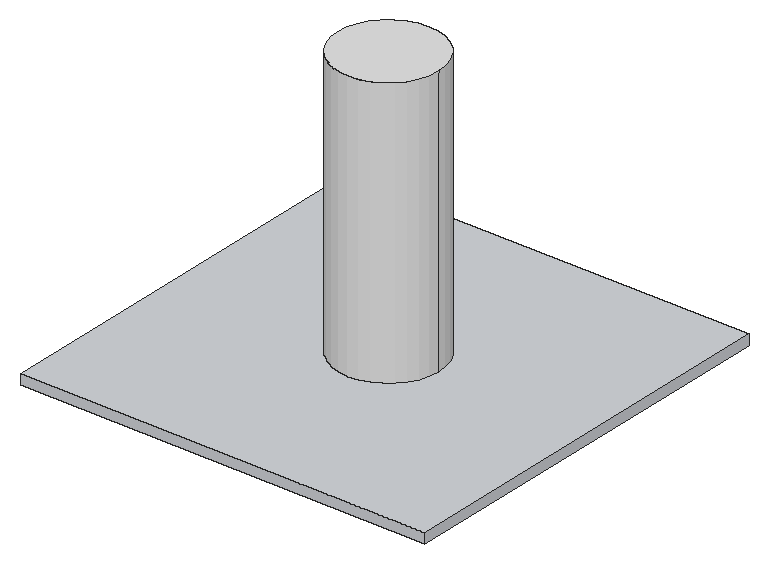
Revit family "4964500", category Aparatos sanitarios, Revit 2017
Family settings
  Anfitrión = Cara
  Cota de conector redondo = Diámetro de uso
  Tipo de pieza = Normal
  Número OmniClass = 23.45.55.14
  Título OmniClass = Single Faucets
  Corte con vacíos al cargar = No
  Compartido = No
  Punto de cálculo de habitación = No
Parameters (values of type "4964500")
  URL = "http://www.griferiasgalindo.com"
  Teléfono = "(+34) 915 782 575"
  TIPO DE AGUA = "Fria/Caliente"
  REFERENCIA = "4964500"
  Presión Máxima = "8 bar"
  PESO BRUTO = ""
  Modelo = "GRIFO DE LAVABO ALTO con desagüe"
  Material = LATON CROMADO
  Imagen de tipo = <Ninguno>
  Fabricante = "PRESTO IBÉRICA"
  Default Elevation = 1219.2 mm
  ENTRADA = "Latiguillos de 3/8\""
  Descripción = "Monomando lavabo"
  Código de montaje = "C1030220"
  Contacto = "info@prestoiberica.com"
  Conexión AF = yes
  Conexión AC = yes
  Comentarios de tipo = "Cartucho sellado mezclador con discos cerámicos de Ø 25 mm.  Suministrado con latiguillos flexibles de 3/8\" y longitud de 55 mm."
  CIERRE = "Manual"
  CAUDAL = ""
  Accionamiento = "Mediante maneta"
Reference planes
  plane 1 "Centro (Frontal/Posterior)": y = 0
  plane 2: z = 0
  plane 3 "Centro (Izquierda/Derecha)": x = 0
Forms (mm)
  Extrusion 1, solid
    sketch origin (0, 0, 0) x (1, 0, 0) y (0, 1, 0)
      loop
        line (-100, 100) -> (-100, -100) -> (100, -100) -> (100, 100) -> (-100, 100)
    from 0 to -5
  Extrusion 2, solid, material "LATON CROMADO"
    sketch origin (0, 5, 89) x (0, 1, 0) y (-1, 0, 0)
      loop
        circle (-2.5, 0) r 25
    from -89 to 43.973
Dimensions and locks
  Extrusion 1 sketch curve to plane 1 "Centro (Frontal/Posterior)" = 100 mm
  aligned and locked: plane 2 to Extrusion 1
  aligned and locked: level to Extrusion 1
Connectors
  piping at (0, 2.5, 89), diameter 12.7
    settings: on import instance, index 2, connector inside diameter 609.6 mm, connector length 0 mm, flow factor 0, pipe flow 0.0 L/s, pressure drop 0.0 Pa, fitting loss kfactor 0, connector angle 0.00°, fixture units 0, engagement length 0 mm, angle of deflection 0.00°, flow configuration 0, flow direction 1, fitting loss method 0, system type 7, joint type 0, gender type 0, connector reference index -1, connector utility 0, adjustable connector no, is connector primary yes, connector description ""
